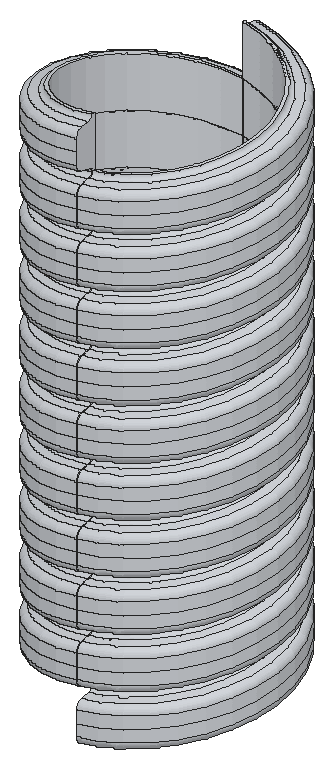
Revit family "110611-00034  Муфта соединительная резьбовая ССД-Пайп 140 мм", category Обобщенные модели, Revit 2019
Family settings
  Может служить основой для арматурных стержней = Нет
  Размер круглого соединителя = Использовать диаметр
  Тип детали = Нормальный
  На основе рабочей плоскости = Нет
  Всегда вертикально = Да
  При загрузке вырезать с полостями = Нет
  Общий = Нет
  Точка расчета площади = Нет
Parameters (values of type "Муфта соединительная резьбовая ССД-Пайп 140 мм")
  Сертификат соответствия = "https://www.ssd.ru/upload/iblock/135/dg0dveb2bt5742u03x0awkefi1rhom8y/ssoot_1302705.pdf"
  Материал = "ПНД"
  Масса бухты, кг = "0,5"
  Тип соединения = "Резьбовое"
  ADSK_Ссылка на сайт = "https://www.ssd.ru/mufta-soedinitelnaya-rezbovaya-ssd-payp-140-mm"
  ADSK_Наименование = "Муфта соединительная резьбовая ССД-Пайп 140 мм"
  ADSK_Марка = "ССД-Пайп"
  ADSK_Код изделия = "110611-00034"
  ADSK_Изготовитель = "АО \"СВЯЗЬСТРОЙДЕТАЛЬ\""
  ADSK_Диаметр наружный = 152.6 mm
  ADSK_Диаметр внутренний = 123 mm
Reference planes
  plane 1 "По центру (Вперед/Назад)": y = 0
  plane 2: z = 0
  plane 3 "По центру (Влево/Вправо)": x = 0
  plane 4: x = -76.3
  plane 5: x = 76.3
  plane 6: y = 76.3
  plane 7: y = -76.3
  plane 8: x = -61.5
  plane 9: x = 61.5
  plane 10: y = 61.5
  plane 11: y = -61.5
Forms (mm)
  SweptBlend 1, solid
    path origin (0, -4.536, -354.17) x (0, 1, 0) y (-1, 0, 0)
      loop
        arc (25.5, 0) -> (0, 25.5) -> (-25.5, 0) r 25.5
    profile origin (0, 20.964, -354.17) x (0, -1, 0) y (0, 0, 1)
      loop
        line (-40.536, 53.927) -> (-42.61, 53.927)
        arc (-42.61, 53.927) -> (-43.488, 51.806) -> (-45.61, 50.927) r 3
        line (-45.61, 50.927) -> (-51.204, 49.94)
        arc (-51.204, 49.94) -> (-54.166, 48.23) -> (-55.336, 45.016) r 5
        line (-55.336, 45.016) -> (-55.336, 36.927) -> (-55.336, 28.837)
        arc (-55.336, 28.837) -> (-54.166, 25.623) -> (-51.204, 23.913) r 5
        line (-51.204, 23.913) -> (-45.61, 22.927)
        arc (-45.61, 22.927) -> (-43.488, 22.048) -> (-42.61, 19.927) r 3
        line (-42.61, 19.927) -> (-40.536, 19.927) -> (-40.536, 53.927)
    end profile origin (0, -30.036, -354.17) x (0, 1, 0) y (0, 0, 1)
      loop
        line (-31.464, 87.927) -> (-33.537, 87.927)
        arc (-33.537, 87.927) -> (-34.416, 85.806) -> (-36.537, 84.927) r 3
        line (-36.537, 84.927) -> (-42.132, 83.94)
        arc (-42.132, 83.94) -> (-45.094, 82.23) -> (-46.264, 79.016) r 5
        line (-46.264, 79.016) -> (-46.264, 70.927) -> (-46.264, 62.837)
        arc (-46.264, 62.837) -> (-45.094, 59.623) -> (-42.132, 57.913) r 5
        line (-42.132, 57.913) -> (-36.537, 56.927)
        arc (-36.537, 56.927) -> (-34.416, 56.048) -> (-33.537, 53.927) r 3
        line (-33.537, 53.927) -> (-31.464, 53.927) -> (-31.464, 87.927)
  SweptBlend 2, solid
    path origin (0, -4.536, -354.17) x (0, -1, 0) y (1, 0, 0)
      loop
        arc (25.5, 0) -> (0, 25.5) -> (-25.5, 0) r 25.5
    profile origin (0, -30.036, -354.17) x (0, 1, 0) y (0, 0, 1)
      loop
        line (-31.464, 53.927) -> (-33.537, 53.927)
        arc (-33.537, 53.927) -> (-34.416, 51.806) -> (-36.537, 50.927) r 3
        line (-36.537, 50.927) -> (-42.132, 49.94)
        arc (-42.132, 49.94) -> (-45.094, 48.23) -> (-46.264, 45.016) r 5
        line (-46.264, 45.016) -> (-46.264, 36.927) -> (-46.264, 28.837)
        arc (-46.264, 28.837) -> (-45.094, 25.623) -> (-42.132, 23.913) r 5
        line (-42.132, 23.913) -> (-36.537, 22.927)
        arc (-36.537, 22.927) -> (-34.416, 22.048) -> (-33.537, 19.927) r 3
        line (-33.537, 19.927) -> (-31.464, 19.927) -> (-31.464, 53.927)
    end profile origin (0, 20.964, -354.17) x (0, -1, 0) y (0, 0, 1)
      loop
        line (-40.536, 87.927) -> (-42.61, 87.927)
        arc (-42.61, 87.927) -> (-43.488, 85.806) -> (-45.61, 84.927) r 3
        line (-45.61, 84.927) -> (-51.204, 83.94)
        arc (-51.204, 83.94) -> (-54.166, 82.23) -> (-55.336, 79.016) r 5
        line (-55.336, 79.016) -> (-55.336, 70.927) -> (-55.336, 62.837)
        arc (-55.336, 62.837) -> (-54.166, 59.623) -> (-51.204, 57.913) r 5
        line (-51.204, 57.913) -> (-45.61, 56.927)
        arc (-45.61, 56.927) -> (-43.488, 56.048) -> (-42.61, 53.927) r 3
        line (-42.61, 53.927) -> (-40.536, 53.927) -> (-40.536, 87.927)
  SweptBlend 3, solid, not visible
    path origin (0, 0, 63.929) x (0, 1, 0) y (-1, 0, 0)
      loop
        arc (25.5, 0) -> (0, 25.5) -> (-25.5, 0) r 25.5
    profile origin (0, 25.5, 63.929) x (0, -1, 0) y (0, 0, 1)
      loop
        line (-40.536, 53.927) -> (-42.61, 53.927)
        arc (-42.61, 53.927) -> (-43.488, 51.806) -> (-45.61, 50.927) r 3
        line (-45.61, 50.927) -> (-51.204, 49.94)
        arc (-51.204, 49.94) -> (-54.166, 48.23) -> (-55.336, 45.016) r 5
        line (-55.336, 45.016) -> (-55.336, 36.927) -> (-55.336, 28.837)
        arc (-55.336, 28.837) -> (-54.166, 25.623) -> (-51.204, 23.913) r 5
        line (-51.204, 23.913) -> (-45.61, 22.927)
        arc (-45.61, 22.927) -> (-43.488, 22.048) -> (-42.61, 19.927) r 3
        line (-42.61, 19.927) -> (-40.536, 19.927) -> (-40.536, 53.927)
    end profile origin (0, -25.5, 63.929) x (0, 1, 0) y (0, 0, 1)
      loop
        line (-31.464, 87.927) -> (-33.537, 87.927)
        arc (-33.537, 87.927) -> (-34.416, 85.806) -> (-36.537, 84.927) r 3
        line (-36.537, 84.927) -> (-42.132, 83.94)
        arc (-42.132, 83.94) -> (-45.094, 82.23) -> (-46.264, 79.016) r 5
        line (-46.264, 79.016) -> (-46.264, 70.927) -> (-46.264, 62.837)
        arc (-46.264, 62.837) -> (-45.094, 59.623) -> (-42.132, 57.913) r 5
        line (-42.132, 57.913) -> (-36.537, 56.927)
        arc (-36.537, 56.927) -> (-34.416, 56.048) -> (-33.537, 53.927) r 3
        line (-33.537, 53.927) -> (-31.464, 53.927) -> (-31.464, 87.927)
  SweptBlend 4, solid, not visible
    path origin (0, 0, 63.929) x (0, -1, 0) y (1, 0, 0)
      loop
        arc (25.5, 0) -> (0, 25.5) -> (-25.5, 0) r 25.5
    profile origin (0, -25.5, 63.929) x (0, 1, 0) y (0, 0, 1)
      loop
        line (-31.464, 53.927) -> (-33.537, 53.927)
        arc (-33.537, 53.927) -> (-34.416, 51.806) -> (-36.537, 50.927) r 3
        line (-36.537, 50.927) -> (-42.132, 49.94)
        arc (-42.132, 49.94) -> (-45.094, 48.23) -> (-46.264, 45.016) r 5
        line (-46.264, 45.016) -> (-46.264, 36.927) -> (-46.264, 28.837)
        arc (-46.264, 28.837) -> (-45.094, 25.623) -> (-42.132, 23.913) r 5
        line (-42.132, 23.913) -> (-36.537, 22.927)
        arc (-36.537, 22.927) -> (-34.416, 22.048) -> (-33.537, 19.927) r 3
        line (-33.537, 19.927) -> (-31.464, 19.927) -> (-31.464, 53.927)
    end profile origin (0, 25.5, 63.929) x (0, -1, 0) y (0, 0, 1)
      loop
        line (-40.536, 87.927) -> (-42.61, 87.927)
        arc (-42.61, 87.927) -> (-43.488, 85.806) -> (-45.61, 84.927) r 3
        line (-45.61, 84.927) -> (-51.204, 83.94)
        arc (-51.204, 83.94) -> (-54.166, 82.23) -> (-55.336, 79.016) r 5
        line (-55.336, 79.016) -> (-55.336, 70.927) -> (-55.336, 62.837)
        arc (-55.336, 62.837) -> (-54.166, 59.623) -> (-51.204, 57.913) r 5
        line (-51.204, 57.913) -> (-45.61, 56.927)
        arc (-45.61, 56.927) -> (-43.488, 56.048) -> (-42.61, 53.927) r 3
        line (-42.61, 53.927) -> (-40.536, 53.927) -> (-40.536, 87.927)
  SweptBlend 5, solid
    path origin (0, -4.536, -320.17) x (0, 1, 0) y (-1, 0, 0)
      loop
        arc (25.5, 0) -> (0, 25.5) -> (-25.5, 0) r 25.5
    profile origin (0, 20.964, -320.17) x (0, -1, 0) y (0, 0, 1)
      loop
        line (-40.536, 53.927) -> (-42.61, 53.927)
        arc (-42.61, 53.927) -> (-43.488, 51.806) -> (-45.61, 50.927) r 3
        line (-45.61, 50.927) -> (-51.204, 49.94)
        arc (-51.204, 49.94) -> (-54.166, 48.23) -> (-55.336, 45.016) r 5
        line (-55.336, 45.016) -> (-55.336, 36.927) -> (-55.336, 28.837)
        arc (-55.336, 28.837) -> (-54.166, 25.623) -> (-51.204, 23.913) r 5
        line (-51.204, 23.913) -> (-45.61, 22.927)
        arc (-45.61, 22.927) -> (-43.488, 22.048) -> (-42.61, 19.927) r 3
        line (-42.61, 19.927) -> (-40.536, 19.927) -> (-40.536, 53.927)
    end profile origin (0, -30.036, -320.17) x (0, 1, 0) y (0, 0, 1)
      loop
        line (-31.464, 87.927) -> (-33.537, 87.927)
        arc (-33.537, 87.927) -> (-34.416, 85.806) -> (-36.537, 84.927) r 3
        line (-36.537, 84.927) -> (-42.132, 83.94)
        arc (-42.132, 83.94) -> (-45.094, 82.23) -> (-46.264, 79.016) r 5
        line (-46.264, 79.016) -> (-46.264, 70.927) -> (-46.264, 62.837)
        arc (-46.264, 62.837) -> (-45.094, 59.623) -> (-42.132, 57.913) r 5
        line (-42.132, 57.913) -> (-36.537, 56.927)
        arc (-36.537, 56.927) -> (-34.416, 56.048) -> (-33.537, 53.927) r 3
        line (-33.537, 53.927) -> (-31.464, 53.927) -> (-31.464, 87.927)
  SweptBlend 6, solid
    path origin (0, -4.536, -320.17) x (0, -1, 0) y (1, 0, 0)
      loop
        arc (25.5, 0) -> (0, 25.5) -> (-25.5, 0) r 25.5
    profile origin (0, -30.036, -320.17) x (0, 1, 0) y (0, 0, 1)
      loop
        line (-31.464, 53.927) -> (-33.537, 53.927)
        arc (-33.537, 53.927) -> (-34.416, 51.806) -> (-36.537, 50.927) r 3
        line (-36.537, 50.927) -> (-42.132, 49.94)
        arc (-42.132, 49.94) -> (-45.094, 48.23) -> (-46.264, 45.016) r 5
        line (-46.264, 45.016) -> (-46.264, 36.927) -> (-46.264, 28.837)
        arc (-46.264, 28.837) -> (-45.094, 25.623) -> (-42.132, 23.913) r 5
        line (-42.132, 23.913) -> (-36.537, 22.927)
        arc (-36.537, 22.927) -> (-34.416, 22.048) -> (-33.537, 19.927) r 3
        line (-33.537, 19.927) -> (-31.464, 19.927) -> (-31.464, 53.927)
    end profile origin (0, 20.964, -320.17) x (0, -1, 0) y (0, 0, 1)
      loop
        line (-40.536, 87.927) -> (-42.61, 87.927)
        arc (-42.61, 87.927) -> (-43.488, 85.806) -> (-45.61, 84.927) r 3
        line (-45.61, 84.927) -> (-51.204, 83.94)
        arc (-51.204, 83.94) -> (-54.166, 82.23) -> (-55.336, 79.016) r 5
        line (-55.336, 79.016) -> (-55.336, 70.927) -> (-55.336, 62.837)
        arc (-55.336, 62.837) -> (-54.166, 59.623) -> (-51.204, 57.913) r 5
        line (-51.204, 57.913) -> (-45.61, 56.927)
        arc (-45.61, 56.927) -> (-43.488, 56.048) -> (-42.61, 53.927) r 3
        line (-42.61, 53.927) -> (-40.536, 53.927) -> (-40.536, 87.927)
  SweptBlend 7, solid
    path origin (0, -4.536, -286.17) x (0, 1, 0) y (-1, 0, 0)
      loop
        arc (25.5, 0) -> (0, 25.5) -> (-25.5, 0) r 25.5
    profile origin (0, 20.964, -286.17) x (0, -1, 0) y (0, 0, 1)
      loop
        line (-40.536, 53.927) -> (-42.61, 53.927)
        arc (-42.61, 53.927) -> (-43.488, 51.806) -> (-45.61, 50.927) r 3
        line (-45.61, 50.927) -> (-51.204, 49.94)
        arc (-51.204, 49.94) -> (-54.166, 48.23) -> (-55.336, 45.016) r 5
        line (-55.336, 45.016) -> (-55.336, 36.927) -> (-55.336, 28.837)
        arc (-55.336, 28.837) -> (-54.166, 25.623) -> (-51.204, 23.913) r 5
        line (-51.204, 23.913) -> (-45.61, 22.927)
        arc (-45.61, 22.927) -> (-43.488, 22.048) -> (-42.61, 19.927) r 3
        line (-42.61, 19.927) -> (-40.536, 19.927) -> (-40.536, 53.927)
    end profile origin (0, -30.036, -286.17) x (0, 1, 0) y (0, 0, 1)
      loop
        line (-31.464, 87.927) -> (-33.537, 87.927)
        arc (-33.537, 87.927) -> (-34.416, 85.806) -> (-36.537, 84.927) r 3
        line (-36.537, 84.927) -> (-42.132, 83.94)
        arc (-42.132, 83.94) -> (-45.094, 82.23) -> (-46.264, 79.016) r 5
        line (-46.264, 79.016) -> (-46.264, 70.927) -> (-46.264, 62.837)
        arc (-46.264, 62.837) -> (-45.094, 59.623) -> (-42.132, 57.913) r 5
        line (-42.132, 57.913) -> (-36.537, 56.927)
        arc (-36.537, 56.927) -> (-34.416, 56.048) -> (-33.537, 53.927) r 3
        line (-33.537, 53.927) -> (-31.464, 53.927) -> (-31.464, 87.927)
  SweptBlend 8, solid
    path origin (0, -4.536, -286.17) x (0, -1, 0) y (1, 0, 0)
      loop
        arc (25.5, 0) -> (0, 25.5) -> (-25.5, 0) r 25.5
    profile origin (0, -30.036, -286.17) x (0, 1, 0) y (0, 0, 1)
      loop
        line (-31.464, 53.927) -> (-33.537, 53.927)
        arc (-33.537, 53.927) -> (-34.416, 51.806) -> (-36.537, 50.927) r 3
        line (-36.537, 50.927) -> (-42.132, 49.94)
        arc (-42.132, 49.94) -> (-45.094, 48.23) -> (-46.264, 45.016) r 5
        line (-46.264, 45.016) -> (-46.264, 36.927) -> (-46.264, 28.837)
        arc (-46.264, 28.837) -> (-45.094, 25.623) -> (-42.132, 23.913) r 5
        line (-42.132, 23.913) -> (-36.537, 22.927)
        arc (-36.537, 22.927) -> (-34.416, 22.048) -> (-33.537, 19.927) r 3
        line (-33.537, 19.927) -> (-31.464, 19.927) -> (-31.464, 53.927)
    end profile origin (0, 20.964, -286.17) x (0, -1, 0) y (0, 0, 1)
      loop
        line (-40.536, 87.927) -> (-42.61, 87.927)
        arc (-42.61, 87.927) -> (-43.488, 85.806) -> (-45.61, 84.927) r 3
        line (-45.61, 84.927) -> (-51.204, 83.94)
        arc (-51.204, 83.94) -> (-54.166, 82.23) -> (-55.336, 79.016) r 5
        line (-55.336, 79.016) -> (-55.336, 70.927) -> (-55.336, 62.837)
        arc (-55.336, 62.837) -> (-54.166, 59.623) -> (-51.204, 57.913) r 5
        line (-51.204, 57.913) -> (-45.61, 56.927)
        arc (-45.61, 56.927) -> (-43.488, 56.048) -> (-42.61, 53.927) r 3
        line (-42.61, 53.927) -> (-40.536, 53.927) -> (-40.536, 87.927)
  SweptBlend 9, solid
    path origin (0, -4.536, -252.17) x (0, 1, 0) y (-1, 0, 0)
      loop
        arc (25.5, 0) -> (0, 25.5) -> (-25.5, 0) r 25.5
    profile origin (0, 20.964, -252.17) x (0, -1, 0) y (0, 0, 1)
      loop
        line (-40.536, 53.927) -> (-42.61, 53.927)
        arc (-42.61, 53.927) -> (-43.488, 51.806) -> (-45.61, 50.927) r 3
        line (-45.61, 50.927) -> (-51.204, 49.94)
        arc (-51.204, 49.94) -> (-54.166, 48.23) -> (-55.336, 45.016) r 5
        line (-55.336, 45.016) -> (-55.336, 36.927) -> (-55.336, 28.837)
        arc (-55.336, 28.837) -> (-54.166, 25.623) -> (-51.204, 23.913) r 5
        line (-51.204, 23.913) -> (-45.61, 22.927)
        arc (-45.61, 22.927) -> (-43.488, 22.048) -> (-42.61, 19.927) r 3
        line (-42.61, 19.927) -> (-40.536, 19.927) -> (-40.536, 53.927)
    end profile origin (0, -30.036, -252.17) x (0, 1, 0) y (0, 0, 1)
      loop
        line (-31.464, 87.927) -> (-33.537, 87.927)
        arc (-33.537, 87.927) -> (-34.416, 85.806) -> (-36.537, 84.927) r 3
        line (-36.537, 84.927) -> (-42.132, 83.94)
        arc (-42.132, 83.94) -> (-45.094, 82.23) -> (-46.264, 79.016) r 5
        line (-46.264, 79.016) -> (-46.264, 70.927) -> (-46.264, 62.837)
        arc (-46.264, 62.837) -> (-45.094, 59.623) -> (-42.132, 57.913) r 5
        line (-42.132, 57.913) -> (-36.537, 56.927)
        arc (-36.537, 56.927) -> (-34.416, 56.048) -> (-33.537, 53.927) r 3
        line (-33.537, 53.927) -> (-31.464, 53.927) -> (-31.464, 87.927)
  SweptBlend 10, solid
    path origin (0, -4.536, -252.17) x (0, -1, 0) y (1, 0, 0)
      loop
        arc (25.5, 0) -> (0, 25.5) -> (-25.5, 0) r 25.5
    profile origin (0, -30.036, -252.17) x (0, 1, 0) y (0, 0, 1)
      loop
        line (-31.464, 53.927) -> (-33.537, 53.927)
        arc (-33.537, 53.927) -> (-34.416, 51.806) -> (-36.537, 50.927) r 3
        line (-36.537, 50.927) -> (-42.132, 49.94)
        arc (-42.132, 49.94) -> (-45.094, 48.23) -> (-46.264, 45.016) r 5
        line (-46.264, 45.016) -> (-46.264, 36.927) -> (-46.264, 28.837)
        arc (-46.264, 28.837) -> (-45.094, 25.623) -> (-42.132, 23.913) r 5
        line (-42.132, 23.913) -> (-36.537, 22.927)
        arc (-36.537, 22.927) -> (-34.416, 22.048) -> (-33.537, 19.927) r 3
        line (-33.537, 19.927) -> (-31.464, 19.927) -> (-31.464, 53.927)
    end profile origin (0, 20.964, -252.17) x (0, -1, 0) y (0, 0, 1)
      loop
        line (-40.536, 87.927) -> (-42.61, 87.927)
        arc (-42.61, 87.927) -> (-43.488, 85.806) -> (-45.61, 84.927) r 3
        line (-45.61, 84.927) -> (-51.204, 83.94)
        arc (-51.204, 83.94) -> (-54.166, 82.23) -> (-55.336, 79.016) r 5
        line (-55.336, 79.016) -> (-55.336, 70.927) -> (-55.336, 62.837)
        arc (-55.336, 62.837) -> (-54.166, 59.623) -> (-51.204, 57.913) r 5
        line (-51.204, 57.913) -> (-45.61, 56.927)
        arc (-45.61, 56.927) -> (-43.488, 56.048) -> (-42.61, 53.927) r 3
        line (-42.61, 53.927) -> (-40.536, 53.927) -> (-40.536, 87.927)
  SweptBlend 11, solid
    path origin (0, -4.536, -218.17) x (0, 1, 0) y (-1, 0, 0)
      loop
        arc (25.5, 0) -> (0, 25.5) -> (-25.5, 0) r 25.5
    profile origin (0, 20.964, -218.17) x (0, -1, 0) y (0, 0, 1)
      loop
        line (-40.536, 53.927) -> (-42.61, 53.927)
        arc (-42.61, 53.927) -> (-43.488, 51.806) -> (-45.61, 50.927) r 3
        line (-45.61, 50.927) -> (-51.204, 49.94)
        arc (-51.204, 49.94) -> (-54.166, 48.23) -> (-55.336, 45.016) r 5
        line (-55.336, 45.016) -> (-55.336, 36.927) -> (-55.336, 28.837)
        arc (-55.336, 28.837) -> (-54.166, 25.623) -> (-51.204, 23.913) r 5
        line (-51.204, 23.913) -> (-45.61, 22.927)
        arc (-45.61, 22.927) -> (-43.488, 22.048) -> (-42.61, 19.927) r 3
        line (-42.61, 19.927) -> (-40.536, 19.927) -> (-40.536, 53.927)
    end profile origin (0, -30.036, -218.17) x (0, 1, 0) y (0, 0, 1)
      loop
        line (-31.464, 87.927) -> (-33.537, 87.927)
        arc (-33.537, 87.927) -> (-34.416, 85.806) -> (-36.537, 84.927) r 3
        line (-36.537, 84.927) -> (-42.132, 83.94)
        arc (-42.132, 83.94) -> (-45.094, 82.23) -> (-46.264, 79.016) r 5
        line (-46.264, 79.016) -> (-46.264, 70.927) -> (-46.264, 62.837)
        arc (-46.264, 62.837) -> (-45.094, 59.623) -> (-42.132, 57.913) r 5
        line (-42.132, 57.913) -> (-36.537, 56.927)
        arc (-36.537, 56.927) -> (-34.416, 56.048) -> (-33.537, 53.927) r 3
        line (-33.537, 53.927) -> (-31.464, 53.927) -> (-31.464, 87.927)
  SweptBlend 12, solid
    path origin (0, -4.536, -218.17) x (0, -1, 0) y (1, 0, 0)
      loop
        arc (25.5, 0) -> (0, 25.5) -> (-25.5, 0) r 25.5
    profile origin (0, -30.036, -218.17) x (0, 1, 0) y (0, 0, 1)
      loop
        line (-31.464, 53.927) -> (-33.537, 53.927)
        arc (-33.537, 53.927) -> (-34.416, 51.806) -> (-36.537, 50.927) r 3
        line (-36.537, 50.927) -> (-42.132, 49.94)
        arc (-42.132, 49.94) -> (-45.094, 48.23) -> (-46.264, 45.016) r 5
        line (-46.264, 45.016) -> (-46.264, 36.927) -> (-46.264, 28.837)
        arc (-46.264, 28.837) -> (-45.094, 25.623) -> (-42.132, 23.913) r 5
        line (-42.132, 23.913) -> (-36.537, 22.927)
        arc (-36.537, 22.927) -> (-34.416, 22.048) -> (-33.537, 19.927) r 3
        line (-33.537, 19.927) -> (-31.464, 19.927) -> (-31.464, 53.927)
    end profile origin (0, 20.964, -218.17) x (0, -1, 0) y (0, 0, 1)
      loop
        line (-40.536, 87.927) -> (-42.61, 87.927)
        arc (-42.61, 87.927) -> (-43.488, 85.806) -> (-45.61, 84.927) r 3
        line (-45.61, 84.927) -> (-51.204, 83.94)
        arc (-51.204, 83.94) -> (-54.166, 82.23) -> (-55.336, 79.016) r 5
        line (-55.336, 79.016) -> (-55.336, 70.927) -> (-55.336, 62.837)
        arc (-55.336, 62.837) -> (-54.166, 59.623) -> (-51.204, 57.913) r 5
        line (-51.204, 57.913) -> (-45.61, 56.927)
        arc (-45.61, 56.927) -> (-43.488, 56.048) -> (-42.61, 53.927) r 3
        line (-42.61, 53.927) -> (-40.536, 53.927) -> (-40.536, 87.927)
  SweptBlend 13, solid
    path origin (0, -4.536, -184.17) x (0, 1, 0) y (-1, 0, 0)
      loop
        arc (25.5, 0) -> (0, 25.5) -> (-25.5, 0) r 25.5
    profile origin (0, 20.964, -184.17) x (0, -1, 0) y (0, 0, 1)
      loop
        line (-40.536, 53.927) -> (-42.61, 53.927)
        arc (-42.61, 53.927) -> (-43.488, 51.806) -> (-45.61, 50.927) r 3
        line (-45.61, 50.927) -> (-51.204, 49.94)
        arc (-51.204, 49.94) -> (-54.166, 48.23) -> (-55.336, 45.016) r 5
        line (-55.336, 45.016) -> (-55.336, 36.927) -> (-55.336, 28.837)
        arc (-55.336, 28.837) -> (-54.166, 25.623) -> (-51.204, 23.913) r 5
        line (-51.204, 23.913) -> (-45.61, 22.927)
        arc (-45.61, 22.927) -> (-43.488, 22.048) -> (-42.61, 19.927) r 3
        line (-42.61, 19.927) -> (-40.536, 19.927) -> (-40.536, 53.927)
    end profile origin (0, -30.036, -184.17) x (0, 1, 0) y (0, 0, 1)
      loop
        line (-31.464, 87.927) -> (-33.537, 87.927)
        arc (-33.537, 87.927) -> (-34.416, 85.806) -> (-36.537, 84.927) r 3
        line (-36.537, 84.927) -> (-42.132, 83.94)
        arc (-42.132, 83.94) -> (-45.094, 82.23) -> (-46.264, 79.016) r 5
        line (-46.264, 79.016) -> (-46.264, 70.927) -> (-46.264, 62.837)
        arc (-46.264, 62.837) -> (-45.094, 59.623) -> (-42.132, 57.913) r 5
        line (-42.132, 57.913) -> (-36.537, 56.927)
        arc (-36.537, 56.927) -> (-34.416, 56.048) -> (-33.537, 53.927) r 3
        line (-33.537, 53.927) -> (-31.464, 53.927) -> (-31.464, 87.927)
  SweptBlend 14, solid
    path origin (0, -4.536, -184.17) x (0, -1, 0) y (1, 0, 0)
      loop
        arc (25.5, 0) -> (0, 25.5) -> (-25.5, 0) r 25.5
    profile origin (0, -30.036, -184.17) x (0, 1, 0) y (0, 0, 1)
      loop
        line (-31.464, 53.927) -> (-33.537, 53.927)
        arc (-33.537, 53.927) -> (-34.416, 51.806) -> (-36.537, 50.927) r 3
        line (-36.537, 50.927) -> (-42.132, 49.94)
        arc (-42.132, 49.94) -> (-45.094, 48.23) -> (-46.264, 45.016) r 5
        line (-46.264, 45.016) -> (-46.264, 36.927) -> (-46.264, 28.837)
        arc (-46.264, 28.837) -> (-45.094, 25.623) -> (-42.132, 23.913) r 5
        line (-42.132, 23.913) -> (-36.537, 22.927)
        arc (-36.537, 22.927) -> (-34.416, 22.048) -> (-33.537, 19.927) r 3
        line (-33.537, 19.927) -> (-31.464, 19.927) -> (-31.464, 53.927)
    end profile origin (0, 20.964, -184.17) x (0, -1, 0) y (0, 0, 1)
      loop
        line (-40.536, 87.927) -> (-42.61, 87.927)
        arc (-42.61, 87.927) -> (-43.488, 85.806) -> (-45.61, 84.927) r 3
        line (-45.61, 84.927) -> (-51.204, 83.94)
        arc (-51.204, 83.94) -> (-54.166, 82.23) -> (-55.336, 79.016) r 5
        line (-55.336, 79.016) -> (-55.336, 70.927) -> (-55.336, 62.837)
        arc (-55.336, 62.837) -> (-54.166, 59.623) -> (-51.204, 57.913) r 5
        line (-51.204, 57.913) -> (-45.61, 56.927)
        arc (-45.61, 56.927) -> (-43.488, 56.048) -> (-42.61, 53.927) r 3
        line (-42.61, 53.927) -> (-40.536, 53.927) -> (-40.536, 87.927)
  SweptBlend 15, solid
    path origin (0, -4.536, -150.17) x (0, 1, 0) y (-1, 0, 0)
      loop
        arc (25.5, 0) -> (0, 25.5) -> (-25.5, 0) r 25.5
    profile origin (0, 20.964, -150.17) x (0, -1, 0) y (0, 0, 1)
      loop
        line (-40.536, 53.927) -> (-42.61, 53.927)
        arc (-42.61, 53.927) -> (-43.488, 51.806) -> (-45.61, 50.927) r 3
        line (-45.61, 50.927) -> (-51.204, 49.94)
        arc (-51.204, 49.94) -> (-54.166, 48.23) -> (-55.336, 45.016) r 5
        line (-55.336, 45.016) -> (-55.336, 36.927) -> (-55.336, 28.837)
        arc (-55.336, 28.837) -> (-54.166, 25.623) -> (-51.204, 23.913) r 5
        line (-51.204, 23.913) -> (-45.61, 22.927)
        arc (-45.61, 22.927) -> (-43.488, 22.048) -> (-42.61, 19.927) r 3
        line (-42.61, 19.927) -> (-40.536, 19.927) -> (-40.536, 53.927)
    end profile origin (0, -30.036, -150.17) x (0, 1, 0) y (0, 0, 1)
      loop
        line (-31.464, 87.927) -> (-33.537, 87.927)
        arc (-33.537, 87.927) -> (-34.416, 85.806) -> (-36.537, 84.927) r 3
        line (-36.537, 84.927) -> (-42.132, 83.94)
        arc (-42.132, 83.94) -> (-45.094, 82.23) -> (-46.264, 79.016) r 5
        line (-46.264, 79.016) -> (-46.264, 70.927) -> (-46.264, 62.837)
        arc (-46.264, 62.837) -> (-45.094, 59.623) -> (-42.132, 57.913) r 5
        line (-42.132, 57.913) -> (-36.537, 56.927)
        arc (-36.537, 56.927) -> (-34.416, 56.048) -> (-33.537, 53.927) r 3
        line (-33.537, 53.927) -> (-31.464, 53.927) -> (-31.464, 87.927)
  SweptBlend 16, solid
    path origin (0, -4.536, -150.17) x (0, -1, 0) y (1, 0, 0)
      loop
        arc (25.5, 0) -> (0, 25.5) -> (-25.5, 0) r 25.5
    profile origin (0, -30.036, -150.17) x (0, 1, 0) y (0, 0, 1)
      loop
        line (-31.464, 53.927) -> (-33.537, 53.927)
        arc (-33.537, 53.927) -> (-34.416, 51.806) -> (-36.537, 50.927) r 3
        line (-36.537, 50.927) -> (-42.132, 49.94)
        arc (-42.132, 49.94) -> (-45.094, 48.23) -> (-46.264, 45.016) r 5
        line (-46.264, 45.016) -> (-46.264, 36.927) -> (-46.264, 28.837)
        arc (-46.264, 28.837) -> (-45.094, 25.623) -> (-42.132, 23.913) r 5
        line (-42.132, 23.913) -> (-36.537, 22.927)
        arc (-36.537, 22.927) -> (-34.416, 22.048) -> (-33.537, 19.927) r 3
        line (-33.537, 19.927) -> (-31.464, 19.927) -> (-31.464, 53.927)
    end profile origin (0, 20.964, -150.17) x (0, -1, 0) y (0, 0, 1)
      loop
        line (-40.536, 87.927) -> (-42.61, 87.927)
        arc (-42.61, 87.927) -> (-43.488, 85.806) -> (-45.61, 84.927) r 3
        line (-45.61, 84.927) -> (-51.204, 83.94)
        arc (-51.204, 83.94) -> (-54.166, 82.23) -> (-55.336, 79.016) r 5
        line (-55.336, 79.016) -> (-55.336, 70.927) -> (-55.336, 62.837)
        arc (-55.336, 62.837) -> (-54.166, 59.623) -> (-51.204, 57.913) r 5
        line (-51.204, 57.913) -> (-45.61, 56.927)
        arc (-45.61, 56.927) -> (-43.488, 56.048) -> (-42.61, 53.927) r 3
        line (-42.61, 53.927) -> (-40.536, 53.927) -> (-40.536, 87.927)
  SweptBlend 17, solid
    path origin (0, -4.536, -116.17) x (0, 1, 0) y (-1, 0, 0)
      loop
        arc (25.5, 0) -> (0, 25.5) -> (-25.5, 0) r 25.5
    profile origin (0, 20.964, -116.17) x (0, -1, 0) y (0, 0, 1)
      loop
        line (-40.536, 53.927) -> (-42.61, 53.927)
        arc (-42.61, 53.927) -> (-43.488, 51.806) -> (-45.61, 50.927) r 3
        line (-45.61, 50.927) -> (-51.204, 49.94)
        arc (-51.204, 49.94) -> (-54.166, 48.23) -> (-55.336, 45.016) r 5
        line (-55.336, 45.016) -> (-55.336, 36.927) -> (-55.336, 28.837)
        arc (-55.336, 28.837) -> (-54.166, 25.623) -> (-51.204, 23.913) r 5
        line (-51.204, 23.913) -> (-45.61, 22.927)
        arc (-45.61, 22.927) -> (-43.488, 22.048) -> (-42.61, 19.927) r 3
        line (-42.61, 19.927) -> (-40.536, 19.927) -> (-40.536, 53.927)
    end profile origin (0, -30.036, -116.17) x (0, 1, 0) y (0, 0, 1)
      loop
        line (-31.464, 87.927) -> (-33.537, 87.927)
        arc (-33.537, 87.927) -> (-34.416, 85.806) -> (-36.537, 84.927) r 3
        line (-36.537, 84.927) -> (-42.132, 83.94)
        arc (-42.132, 83.94) -> (-45.094, 82.23) -> (-46.264, 79.016) r 5
        line (-46.264, 79.016) -> (-46.264, 70.927) -> (-46.264, 62.837)
        arc (-46.264, 62.837) -> (-45.094, 59.623) -> (-42.132, 57.913) r 5
        line (-42.132, 57.913) -> (-36.537, 56.927)
        arc (-36.537, 56.927) -> (-34.416, 56.048) -> (-33.537, 53.927) r 3
        line (-33.537, 53.927) -> (-31.464, 53.927) -> (-31.464, 87.927)
  SweptBlend 18, solid
    path origin (0, -4.536, -116.17) x (0, -1, 0) y (1, 0, 0)
      loop
        arc (25.5, 0) -> (0, 25.5) -> (-25.5, 0) r 25.5
    profile origin (0, -30.036, -116.17) x (0, 1, 0) y (0, 0, 1)
      loop
        line (-31.464, 53.927) -> (-33.537, 53.927)
        arc (-33.537, 53.927) -> (-34.416, 51.806) -> (-36.537, 50.927) r 3
        line (-36.537, 50.927) -> (-42.132, 49.94)
        arc (-42.132, 49.94) -> (-45.094, 48.23) -> (-46.264, 45.016) r 5
        line (-46.264, 45.016) -> (-46.264, 36.927) -> (-46.264, 28.837)
        arc (-46.264, 28.837) -> (-45.094, 25.623) -> (-42.132, 23.913) r 5
        line (-42.132, 23.913) -> (-36.537, 22.927)
        arc (-36.537, 22.927) -> (-34.416, 22.048) -> (-33.537, 19.927) r 3
        line (-33.537, 19.927) -> (-31.464, 19.927) -> (-31.464, 53.927)
    end profile origin (0, 20.964, -116.17) x (0, -1, 0) y (0, 0, 1)
      loop
        line (-40.536, 87.927) -> (-42.61, 87.927)
        arc (-42.61, 87.927) -> (-43.488, 85.806) -> (-45.61, 84.927) r 3
        line (-45.61, 84.927) -> (-51.204, 83.94)
        arc (-51.204, 83.94) -> (-54.166, 82.23) -> (-55.336, 79.016) r 5
        line (-55.336, 79.016) -> (-55.336, 70.927) -> (-55.336, 62.837)
        arc (-55.336, 62.837) -> (-54.166, 59.623) -> (-51.204, 57.913) r 5
        line (-51.204, 57.913) -> (-45.61, 56.927)
        arc (-45.61, 56.927) -> (-43.488, 56.048) -> (-42.61, 53.927) r 3
        line (-42.61, 53.927) -> (-40.536, 53.927) -> (-40.536, 87.927)
  SweptBlend 19, solid
    path origin (0, -4.536, -82.17) x (0, 1, 0) y (-1, 0, 0)
      loop
        arc (25.5, 0) -> (0, 25.5) -> (-25.5, 0) r 25.5
    profile origin (0, 20.964, -82.17) x (0, -1, 0) y (0, 0, 1)
      loop
        line (-40.536, 53.927) -> (-42.61, 53.927)
        arc (-42.61, 53.927) -> (-43.488, 51.806) -> (-45.61, 50.927) r 3
        line (-45.61, 50.927) -> (-51.204, 49.94)
        arc (-51.204, 49.94) -> (-54.166, 48.23) -> (-55.336, 45.016) r 5
        line (-55.336, 45.016) -> (-55.336, 36.927) -> (-55.336, 28.837)
        arc (-55.336, 28.837) -> (-54.166, 25.623) -> (-51.204, 23.913) r 5
        line (-51.204, 23.913) -> (-45.61, 22.927)
        arc (-45.61, 22.927) -> (-43.488, 22.048) -> (-42.61, 19.927) r 3
        line (-42.61, 19.927) -> (-40.536, 19.927) -> (-40.536, 53.927)
    end profile origin (0, -30.036, -82.17) x (0, 1, 0) y (0, 0, 1)
      loop
        line (-31.464, 87.927) -> (-33.537, 87.927)
        arc (-33.537, 87.927) -> (-34.416, 85.806) -> (-36.537, 84.927) r 3
        line (-36.537, 84.927) -> (-42.132, 83.94)
        arc (-42.132, 83.94) -> (-45.094, 82.23) -> (-46.264, 79.016) r 5
        line (-46.264, 79.016) -> (-46.264, 70.927) -> (-46.264, 62.837)
        arc (-46.264, 62.837) -> (-45.094, 59.623) -> (-42.132, 57.913) r 5
        line (-42.132, 57.913) -> (-36.537, 56.927)
        arc (-36.537, 56.927) -> (-34.416, 56.048) -> (-33.537, 53.927) r 3
        line (-33.537, 53.927) -> (-31.464, 53.927) -> (-31.464, 87.927)
  SweptBlend 20, solid
    path origin (0, -4.536, -82.17) x (0, -1, 0) y (1, 0, 0)
      loop
        arc (25.5, 0) -> (0, 25.5) -> (-25.5, 0) r 25.5
    profile origin (0, -30.036, -82.17) x (0, 1, 0) y (0, 0, 1)
      loop
        line (-31.464, 53.927) -> (-33.537, 53.927)
        arc (-33.537, 53.927) -> (-34.416, 51.806) -> (-36.537, 50.927) r 3
        line (-36.537, 50.927) -> (-42.132, 49.94)
        arc (-42.132, 49.94) -> (-45.094, 48.23) -> (-46.264, 45.016) r 5
        line (-46.264, 45.016) -> (-46.264, 36.927) -> (-46.264, 28.837)
        arc (-46.264, 28.837) -> (-45.094, 25.623) -> (-42.132, 23.913) r 5
        line (-42.132, 23.913) -> (-36.537, 22.927)
        arc (-36.537, 22.927) -> (-34.416, 22.048) -> (-33.537, 19.927) r 3
        line (-33.537, 19.927) -> (-31.464, 19.927) -> (-31.464, 53.927)
    end profile origin (0, 20.964, -82.17) x (0, -1, 0) y (0, 0, 1)
      loop
        line (-40.536, 87.927) -> (-42.61, 87.927)
        arc (-42.61, 87.927) -> (-43.488, 85.806) -> (-45.61, 84.927) r 3
        line (-45.61, 84.927) -> (-51.204, 83.94)
        arc (-51.204, 83.94) -> (-54.166, 82.23) -> (-55.336, 79.016) r 5
        line (-55.336, 79.016) -> (-55.336, 70.927) -> (-55.336, 62.837)
        arc (-55.336, 62.837) -> (-54.166, 59.623) -> (-51.204, 57.913) r 5
        line (-51.204, 57.913) -> (-45.61, 56.927)
        arc (-45.61, 56.927) -> (-43.488, 56.048) -> (-42.61, 53.927) r 3
        line (-42.61, 53.927) -> (-40.536, 53.927) -> (-40.536, 87.927)
  SweptBlend 21, solid
    path origin (0, -4.536, -48.17) x (0, 1, 0) y (-1, 0, 0)
      loop
        arc (25.5, 0) -> (0, 25.5) -> (-25.5, 0) r 25.5
    profile origin (0, 20.964, -48.17) x (0, -1, 0) y (0, 0, 1)
      loop
        line (-40.536, 53.927) -> (-42.61, 53.927)
        arc (-42.61, 53.927) -> (-43.488, 51.806) -> (-45.61, 50.927) r 3
        line (-45.61, 50.927) -> (-51.204, 49.94)
        arc (-51.204, 49.94) -> (-54.166, 48.23) -> (-55.336, 45.016) r 5
        line (-55.336, 45.016) -> (-55.336, 36.927) -> (-55.336, 28.837)
        arc (-55.336, 28.837) -> (-54.166, 25.623) -> (-51.204, 23.913) r 5
        line (-51.204, 23.913) -> (-45.61, 22.927)
        arc (-45.61, 22.927) -> (-43.488, 22.048) -> (-42.61, 19.927) r 3
        line (-42.61, 19.927) -> (-40.536, 19.927) -> (-40.536, 53.927)
    end profile origin (0, -30.036, -48.17) x (0, 1, 0) y (0, 0, 1)
      loop
        line (-31.464, 87.927) -> (-33.537, 87.927)
        arc (-33.537, 87.927) -> (-34.416, 85.806) -> (-36.537, 84.927) r 3
        line (-36.537, 84.927) -> (-42.132, 83.94)
        arc (-42.132, 83.94) -> (-45.094, 82.23) -> (-46.264, 79.016) r 5
        line (-46.264, 79.016) -> (-46.264, 70.927) -> (-46.264, 62.837)
        arc (-46.264, 62.837) -> (-45.094, 59.623) -> (-42.132, 57.913) r 5
        line (-42.132, 57.913) -> (-36.537, 56.927)
        arc (-36.537, 56.927) -> (-34.416, 56.048) -> (-33.537, 53.927) r 3
        line (-33.537, 53.927) -> (-31.464, 53.927) -> (-31.464, 87.927)
  SweptBlend 22, solid
    path origin (0, -4.536, -48.17) x (0, -1, 0) y (1, 0, 0)
      loop
        arc (25.5, 0) -> (0, 25.5) -> (-25.5, 0) r 25.5
    profile origin (0, -30.036, -48.17) x (0, 1, 0) y (0, 0, 1)
      loop
        line (-31.464, 53.927) -> (-33.537, 53.927)
        arc (-33.537, 53.927) -> (-34.416, 51.806) -> (-36.537, 50.927) r 3
        line (-36.537, 50.927) -> (-42.132, 49.94)
        arc (-42.132, 49.94) -> (-45.094, 48.23) -> (-46.264, 45.016) r 5
        line (-46.264, 45.016) -> (-46.264, 36.927) -> (-46.264, 28.837)
        arc (-46.264, 28.837) -> (-45.094, 25.623) -> (-42.132, 23.913) r 5
        line (-42.132, 23.913) -> (-36.537, 22.927)
        arc (-36.537, 22.927) -> (-34.416, 22.048) -> (-33.537, 19.927) r 3
        line (-33.537, 19.927) -> (-31.464, 19.927) -> (-31.464, 53.927)
    end profile origin (0, 20.964, -48.17) x (0, -1, 0) y (0, 0, 1)
      loop
        line (-40.536, 87.927) -> (-42.61, 87.927)
        arc (-42.61, 87.927) -> (-43.488, 85.806) -> (-45.61, 84.927) r 3
        line (-45.61, 84.927) -> (-51.204, 83.94)
        arc (-51.204, 83.94) -> (-54.166, 82.23) -> (-55.336, 79.016) r 5
        line (-55.336, 79.016) -> (-55.336, 70.927) -> (-55.336, 62.837)
        arc (-55.336, 62.837) -> (-54.166, 59.623) -> (-51.204, 57.913) r 5
        line (-51.204, 57.913) -> (-45.61, 56.927)
        arc (-45.61, 56.927) -> (-43.488, 56.048) -> (-42.61, 53.927) r 3
        line (-42.61, 53.927) -> (-40.536, 53.927) -> (-40.536, 87.927)
Dimensions and locks
  "ADSK_Диаметр наружный": plane 4 to plane 5
  equal spacing: plane 4, plane 3 "По центру (Влево/Вправо)", plane 5
  "ADSK_Диаметр наружный": plane 6 to plane 7
  "ADSK_Диаметр внутренний": plane 8 to plane 9
  equal spacing: plane 8, plane 3 "По центру (Влево/Вправо)", plane 9
  "ADSK_Диаметр внутренний": plane 10 to plane 11
  equal spacing: plane 10, plane 1 "По центру (Вперед/Назад)", plane 11
  equal spacing: plane 6, plane 1 "По центру (Вперед/Назад)", plane 7
  equal spacing: group 2, group 5, group 7, group 9, group 11, group 13, group 15, group 17, group 19, group 21  (x3)
  radius of SweptBlend 1 sketch curve = 25.5 mm
  radius of SweptBlend 2 sketch curve = 25.5 mm
  radius of SweptBlend 3 sketch curve = 25.5 mm
  radius of SweptBlend 4 sketch curve = 25.5 mm
  radius of SweptBlend 5 sketch curve = 25.5 mm
  radius of SweptBlend 6 sketch curve = 25.5 mm
  radius of SweptBlend 7 sketch curve = 25.5 mm
  radius of SweptBlend 8 sketch curve = 25.5 mm
  radius of SweptBlend 9 sketch curve = 25.5 mm
  radius of SweptBlend 10 sketch curve = 25.5 mm
  radius of SweptBlend 11 sketch curve = 25.5 mm
  radius of SweptBlend 12 sketch curve = 25.5 mm
  radius of SweptBlend 13 sketch curve = 25.5 mm
  radius of SweptBlend 14 sketch curve = 25.5 mm
  radius of SweptBlend 15 sketch curve = 25.5 mm
  radius of SweptBlend 16 sketch curve = 25.5 mm
  radius of SweptBlend 17 sketch curve = 25.5 mm
  radius of SweptBlend 18 sketch curve = 25.5 mm
  radius of SweptBlend 19 sketch curve = 25.5 mm
  radius of SweptBlend 20 sketch curve = 25.5 mm
  radius of SweptBlend 21 sketch curve = 25.5 mm
  radius of SweptBlend 22 sketch curve = 25.5 mm
  aligned and locked: level to plane 2
Automatic sketch dimensions
  profile plane to SweptBlend 1 sketch curve = 55.336 mm
  SweptBlend 1 sketch curve to SweptBlend 1 sketch curve = 4.132 mm  (x4)
  SweptBlend 1 sketch curve to SweptBlend 1 sketch curve = 0.868 mm  (x4)
  SweptBlend 1 sketch curve to SweptBlend 1 sketch curve = 5.595 mm  (x4)
  SweptBlend 1 sketch curve to SweptBlend 1 sketch curve = 3 mm  (x4)
  SweptBlend 1 sketch curve to SweptBlend 1 sketch curve = 2.074 mm  (x2)
  profile plane to SweptBlend 1 sketch curve = 19.927 mm
  SweptBlend 1 sketch curve to SweptBlend 1 sketch curve = 0.986 mm  (x4)
  SweptBlend 1 sketch curve to SweptBlend 1 sketch curve = 8.089 mm  (x4)
  profile plane to SweptBlend 2 sketch curve = 28.837 mm
  SweptBlend 2 sketch curve to profile plane = 97.264 mm
  SweptBlend 2 sketch curve to profile plane = 93.132 mm  (x2)
  SweptBlend 2 sketch curve to profile plane = 92.264 mm  (x2)
  SweptBlend 2 sketch curve to profile plane = 87.537 mm  (x2)
  SweptBlend 2 sketch curve to SweptBlend 2 sketch curve = 3 mm  (x4)
  SweptBlend 2 sketch curve to SweptBlend 2 sketch curve = 2.074 mm  (x2)
  SweptBlend 2 sketch curve to SweptBlend 2 sketch curve = 0.986 mm  (x4)
  profile plane to SweptBlend 2 sketch curve = 36.927 mm
  SweptBlend 2 sketch curve to SweptBlend 2 sketch curve = 8.089 mm  (x3)
  profile plane to SweptBlend 2 sketch curve = 55.336 mm
  SweptBlend 2 sketch curve to SweptBlend 2 sketch curve = 4.132 mm  (x2)
  SweptBlend 2 sketch curve to SweptBlend 2 sketch curve = 5 mm
  SweptBlend 2 sketch curve to SweptBlend 2 sketch curve = 0.868 mm
  SweptBlend 2 sketch curve to SweptBlend 2 sketch curve = 5.595 mm  (x2)
  profile plane to SweptBlend 2 sketch curve = 53.927 mm
  profile plane to SweptBlend 3 sketch curve = 55.336 mm
  SweptBlend 3 sketch curve to SweptBlend 3 sketch curve = 4.132 mm  (x4)
  SweptBlend 3 sketch curve to SweptBlend 3 sketch curve = 0.868 mm  (x4)
  SweptBlend 3 sketch curve to SweptBlend 3 sketch curve = 5.595 mm  (x4)
  SweptBlend 3 sketch curve to SweptBlend 3 sketch curve = 3 mm  (x4)
  SweptBlend 3 sketch curve to SweptBlend 3 sketch curve = 2.074 mm  (x2)
  profile plane to SweptBlend 3 sketch curve = 19.927 mm
  SweptBlend 3 sketch curve to SweptBlend 3 sketch curve = 0.986 mm  (x4)
  SweptBlend 3 sketch curve to SweptBlend 3 sketch curve = 8.089 mm  (x4)
  profile plane to SweptBlend 4 sketch curve = 28.837 mm
  SweptBlend 4 sketch curve to profile plane = 97.264 mm
  SweptBlend 4 sketch curve to profile plane = 93.132 mm  (x2)
  SweptBlend 4 sketch curve to profile plane = 92.264 mm  (x2)
  SweptBlend 4 sketch curve to profile plane = 87.537 mm  (x2)
  SweptBlend 4 sketch curve to SweptBlend 4 sketch curve = 3 mm  (x4)
  SweptBlend 4 sketch curve to SweptBlend 4 sketch curve = 2.074 mm  (x2)
  SweptBlend 4 sketch curve to SweptBlend 4 sketch curve = 0.986 mm  (x4)
  profile plane to SweptBlend 4 sketch curve = 36.927 mm
  SweptBlend 4 sketch curve to SweptBlend 4 sketch curve = 8.089 mm  (x3)
  profile plane to SweptBlend 4 sketch curve = 55.336 mm
  SweptBlend 4 sketch curve to SweptBlend 4 sketch curve = 4.132 mm  (x2)
  SweptBlend 4 sketch curve to SweptBlend 4 sketch curve = 5 mm
  SweptBlend 4 sketch curve to SweptBlend 4 sketch curve = 0.868 mm
  SweptBlend 4 sketch curve to SweptBlend 4 sketch curve = 5.595 mm  (x2)
  profile plane to SweptBlend 4 sketch curve = 53.927 mm
  profile plane to SweptBlend 1 sketch curve = 46.264 mm
  profile plane to SweptBlend 1 sketch curve = 53.927 mm
  profile plane to SweptBlend 3 sketch curve = 46.264 mm
  profile plane to SweptBlend 3 sketch curve = 53.927 mm
  profile plane to SweptBlend 5 sketch curve = 55.336 mm
  SweptBlend 5 sketch curve to SweptBlend 5 sketch curve = 4.132 mm  (x4)
  SweptBlend 5 sketch curve to SweptBlend 5 sketch curve = 0.868 mm  (x4)
  SweptBlend 5 sketch curve to SweptBlend 5 sketch curve = 5.595 mm  (x4)
  SweptBlend 5 sketch curve to SweptBlend 5 sketch curve = 3 mm  (x4)
  SweptBlend 5 sketch curve to SweptBlend 5 sketch curve = 2.074 mm  (x2)
  profile plane to SweptBlend 5 sketch curve = 19.927 mm
  SweptBlend 5 sketch curve to SweptBlend 5 sketch curve = 0.986 mm  (x4)
  SweptBlend 5 sketch curve to SweptBlend 5 sketch curve = 8.089 mm  (x4)
  profile plane to SweptBlend 6 sketch curve = 28.837 mm
  SweptBlend 6 sketch curve to profile plane = 97.264 mm
  SweptBlend 6 sketch curve to profile plane = 93.132 mm  (x2)
  SweptBlend 6 sketch curve to profile plane = 92.264 mm  (x2)
  SweptBlend 6 sketch curve to profile plane = 87.537 mm  (x2)
  SweptBlend 6 sketch curve to SweptBlend 6 sketch curve = 3 mm  (x4)
  SweptBlend 6 sketch curve to SweptBlend 6 sketch curve = 2.074 mm  (x2)
  SweptBlend 6 sketch curve to SweptBlend 6 sketch curve = 0.986 mm  (x4)
  profile plane to SweptBlend 6 sketch curve = 36.927 mm
  SweptBlend 6 sketch curve to SweptBlend 6 sketch curve = 8.089 mm  (x3)
  profile plane to SweptBlend 6 sketch curve = 55.336 mm
  SweptBlend 6 sketch curve to SweptBlend 6 sketch curve = 4.132 mm  (x2)
  SweptBlend 6 sketch curve to SweptBlend 6 sketch curve = 5 mm
  SweptBlend 6 sketch curve to SweptBlend 6 sketch curve = 0.868 mm
  SweptBlend 6 sketch curve to SweptBlend 6 sketch curve = 5.595 mm  (x2)
  profile plane to SweptBlend 6 sketch curve = 53.927 mm
  profile plane to SweptBlend 5 sketch curve = 46.264 mm
  profile plane to SweptBlend 5 sketch curve = 53.927 mm
  profile plane to SweptBlend 7 sketch curve = 55.336 mm
  SweptBlend 7 sketch curve to SweptBlend 7 sketch curve = 4.132 mm  (x4)
  SweptBlend 7 sketch curve to SweptBlend 7 sketch curve = 0.868 mm  (x4)
  SweptBlend 7 sketch curve to SweptBlend 7 sketch curve = 5.595 mm  (x4)
  SweptBlend 7 sketch curve to SweptBlend 7 sketch curve = 3 mm  (x4)
  SweptBlend 7 sketch curve to SweptBlend 7 sketch curve = 2.074 mm  (x2)
  profile plane to SweptBlend 7 sketch curve = 19.927 mm
  SweptBlend 7 sketch curve to SweptBlend 7 sketch curve = 0.986 mm  (x4)
  SweptBlend 7 sketch curve to SweptBlend 7 sketch curve = 8.089 mm  (x4)
  profile plane to SweptBlend 8 sketch curve = 28.837 mm
  SweptBlend 8 sketch curve to profile plane = 97.264 mm
  SweptBlend 8 sketch curve to profile plane = 93.132 mm  (x2)
  SweptBlend 8 sketch curve to profile plane = 92.264 mm  (x2)
  SweptBlend 8 sketch curve to profile plane = 87.537 mm  (x2)
  SweptBlend 8 sketch curve to SweptBlend 8 sketch curve = 3 mm  (x4)
  SweptBlend 8 sketch curve to SweptBlend 8 sketch curve = 2.074 mm  (x2)
  SweptBlend 8 sketch curve to SweptBlend 8 sketch curve = 0.986 mm  (x4)
  profile plane to SweptBlend 8 sketch curve = 36.927 mm
  SweptBlend 8 sketch curve to SweptBlend 8 sketch curve = 8.089 mm  (x3)
  profile plane to SweptBlend 8 sketch curve = 55.336 mm
  SweptBlend 8 sketch curve to SweptBlend 8 sketch curve = 4.132 mm  (x2)
  SweptBlend 8 sketch curve to SweptBlend 8 sketch curve = 5 mm
  SweptBlend 8 sketch curve to SweptBlend 8 sketch curve = 0.868 mm
  SweptBlend 8 sketch curve to SweptBlend 8 sketch curve = 5.595 mm  (x2)
  profile plane to SweptBlend 8 sketch curve = 53.927 mm
  profile plane to SweptBlend 7 sketch curve = 46.264 mm
  profile plane to SweptBlend 7 sketch curve = 53.927 mm
  profile plane to SweptBlend 9 sketch curve = 55.336 mm
  SweptBlend 9 sketch curve to SweptBlend 9 sketch curve = 4.132 mm  (x4)
  SweptBlend 9 sketch curve to SweptBlend 9 sketch curve = 0.868 mm  (x4)
  SweptBlend 9 sketch curve to SweptBlend 9 sketch curve = 5.595 mm  (x4)
  SweptBlend 9 sketch curve to SweptBlend 9 sketch curve = 3 mm  (x4)
  SweptBlend 9 sketch curve to SweptBlend 9 sketch curve = 2.074 mm  (x2)
  profile plane to SweptBlend 9 sketch curve = 19.927 mm
  SweptBlend 9 sketch curve to SweptBlend 9 sketch curve = 0.986 mm  (x4)
  SweptBlend 9 sketch curve to SweptBlend 9 sketch curve = 8.089 mm  (x4)
  profile plane to SweptBlend 10 sketch curve = 28.837 mm
  SweptBlend 10 sketch curve to profile plane = 97.264 mm
  SweptBlend 10 sketch curve to profile plane = 93.132 mm  (x2)
  SweptBlend 10 sketch curve to profile plane = 92.264 mm  (x2)
  SweptBlend 10 sketch curve to profile plane = 87.537 mm  (x2)
  SweptBlend 10 sketch curve to SweptBlend 10 sketch curve = 3 mm  (x4)
  SweptBlend 10 sketch curve to SweptBlend 10 sketch curve = 2.074 mm  (x2)
  SweptBlend 10 sketch curve to SweptBlend 10 sketch curve = 0.986 mm  (x4)
  profile plane to SweptBlend 10 sketch curve = 36.927 mm
  SweptBlend 10 sketch curve to SweptBlend 10 sketch curve = 8.089 mm  (x3)
  profile plane to SweptBlend 10 sketch curve = 55.336 mm
  SweptBlend 10 sketch curve to SweptBlend 10 sketch curve = 4.132 mm  (x2)
  SweptBlend 10 sketch curve to SweptBlend 10 sketch curve = 5 mm
  SweptBlend 10 sketch curve to SweptBlend 10 sketch curve = 0.868 mm
  SweptBlend 10 sketch curve to SweptBlend 10 sketch curve = 5.595 mm  (x2)
  profile plane to SweptBlend 10 sketch curve = 53.927 mm
  profile plane to SweptBlend 9 sketch curve = 46.264 mm
  profile plane to SweptBlend 9 sketch curve = 53.927 mm
  profile plane to SweptBlend 11 sketch curve = 55.336 mm
  SweptBlend 11 sketch curve to SweptBlend 11 sketch curve = 4.132 mm  (x4)
  SweptBlend 11 sketch curve to SweptBlend 11 sketch curve = 0.868 mm  (x4)
  SweptBlend 11 sketch curve to SweptBlend 11 sketch curve = 5.595 mm  (x4)
  SweptBlend 11 sketch curve to SweptBlend 11 sketch curve = 3 mm  (x4)
  SweptBlend 11 sketch curve to SweptBlend 11 sketch curve = 2.074 mm  (x2)
  profile plane to SweptBlend 11 sketch curve = 19.927 mm
  SweptBlend 11 sketch curve to SweptBlend 11 sketch curve = 0.986 mm  (x4)
  SweptBlend 11 sketch curve to SweptBlend 11 sketch curve = 8.089 mm  (x4)
  profile plane to SweptBlend 12 sketch curve = 28.837 mm
  SweptBlend 12 sketch curve to profile plane = 97.264 mm
  SweptBlend 12 sketch curve to profile plane = 93.132 mm  (x2)
  SweptBlend 12 sketch curve to profile plane = 92.264 mm  (x2)
  SweptBlend 12 sketch curve to profile plane = 87.537 mm  (x2)
  SweptBlend 12 sketch curve to SweptBlend 12 sketch curve = 3 mm  (x4)
  SweptBlend 12 sketch curve to SweptBlend 12 sketch curve = 2.074 mm  (x2)
  SweptBlend 12 sketch curve to SweptBlend 12 sketch curve = 0.986 mm  (x4)
  profile plane to SweptBlend 12 sketch curve = 36.927 mm
  SweptBlend 12 sketch curve to SweptBlend 12 sketch curve = 8.089 mm  (x3)
  profile plane to SweptBlend 12 sketch curve = 55.336 mm
  SweptBlend 12 sketch curve to SweptBlend 12 sketch curve = 4.132 mm  (x2)
  SweptBlend 12 sketch curve to SweptBlend 12 sketch curve = 5 mm
  SweptBlend 12 sketch curve to SweptBlend 12 sketch curve = 0.868 mm
  SweptBlend 12 sketch curve to SweptBlend 12 sketch curve = 5.595 mm  (x2)
  profile plane to SweptBlend 12 sketch curve = 53.927 mm
  profile plane to SweptBlend 11 sketch curve = 46.264 mm
  profile plane to SweptBlend 11 sketch curve = 53.927 mm
  profile plane to SweptBlend 13 sketch curve = 55.336 mm
  SweptBlend 13 sketch curve to SweptBlend 13 sketch curve = 4.132 mm  (x4)
  SweptBlend 13 sketch curve to SweptBlend 13 sketch curve = 0.868 mm  (x4)
  SweptBlend 13 sketch curve to SweptBlend 13 sketch curve = 5.595 mm  (x4)
  SweptBlend 13 sketch curve to SweptBlend 13 sketch curve = 3 mm  (x4)
  SweptBlend 13 sketch curve to SweptBlend 13 sketch curve = 2.074 mm  (x2)
  profile plane to SweptBlend 13 sketch curve = 19.927 mm
  SweptBlend 13 sketch curve to SweptBlend 13 sketch curve = 0.986 mm  (x4)
  SweptBlend 13 sketch curve to SweptBlend 13 sketch curve = 8.089 mm  (x4)
  profile plane to SweptBlend 14 sketch curve = 28.837 mm
  SweptBlend 14 sketch curve to profile plane = 97.264 mm
  SweptBlend 14 sketch curve to profile plane = 93.132 mm  (x2)
  SweptBlend 14 sketch curve to profile plane = 92.264 mm  (x2)
  SweptBlend 14 sketch curve to profile plane = 87.537 mm  (x2)
  SweptBlend 14 sketch curve to SweptBlend 14 sketch curve = 3 mm  (x4)
  SweptBlend 14 sketch curve to SweptBlend 14 sketch curve = 2.074 mm  (x2)
  SweptBlend 14 sketch curve to SweptBlend 14 sketch curve = 0.986 mm  (x4)
  profile plane to SweptBlend 14 sketch curve = 36.927 mm
  SweptBlend 14 sketch curve to SweptBlend 14 sketch curve = 8.089 mm  (x3)
  profile plane to SweptBlend 14 sketch curve = 55.336 mm
  SweptBlend 14 sketch curve to SweptBlend 14 sketch curve = 4.132 mm  (x2)
  SweptBlend 14 sketch curve to SweptBlend 14 sketch curve = 5 mm
  SweptBlend 14 sketch curve to SweptBlend 14 sketch curve = 0.868 mm
  SweptBlend 14 sketch curve to SweptBlend 14 sketch curve = 5.595 mm  (x2)
  profile plane to SweptBlend 14 sketch curve = 53.927 mm
  profile plane to SweptBlend 13 sketch curve = 46.264 mm
  profile plane to SweptBlend 13 sketch curve = 53.927 mm
  profile plane to SweptBlend 15 sketch curve = 55.336 mm
  SweptBlend 15 sketch curve to SweptBlend 15 sketch curve = 4.132 mm  (x4)
  SweptBlend 15 sketch curve to SweptBlend 15 sketch curve = 0.868 mm  (x4)
  SweptBlend 15 sketch curve to SweptBlend 15 sketch curve = 5.595 mm  (x4)
  SweptBlend 15 sketch curve to SweptBlend 15 sketch curve = 3 mm  (x4)
  SweptBlend 15 sketch curve to SweptBlend 15 sketch curve = 2.074 mm  (x2)
  profile plane to SweptBlend 15 sketch curve = 19.927 mm
  SweptBlend 15 sketch curve to SweptBlend 15 sketch curve = 0.986 mm  (x4)
  SweptBlend 15 sketch curve to SweptBlend 15 sketch curve = 8.089 mm  (x4)
  profile plane to SweptBlend 16 sketch curve = 28.837 mm
  SweptBlend 16 sketch curve to profile plane = 97.264 mm
  SweptBlend 16 sketch curve to profile plane = 93.132 mm  (x2)
  SweptBlend 16 sketch curve to profile plane = 92.264 mm  (x2)
  SweptBlend 16 sketch curve to profile plane = 87.537 mm  (x2)
  SweptBlend 16 sketch curve to SweptBlend 16 sketch curve = 3 mm  (x4)
  SweptBlend 16 sketch curve to SweptBlend 16 sketch curve = 2.074 mm  (x2)
  SweptBlend 16 sketch curve to SweptBlend 16 sketch curve = 0.986 mm  (x4)
  profile plane to SweptBlend 16 sketch curve = 36.927 mm
  SweptBlend 16 sketch curve to SweptBlend 16 sketch curve = 8.089 mm  (x3)
  profile plane to SweptBlend 16 sketch curve = 55.336 mm
  SweptBlend 16 sketch curve to SweptBlend 16 sketch curve = 4.132 mm  (x2)
  SweptBlend 16 sketch curve to SweptBlend 16 sketch curve = 5 mm
  SweptBlend 16 sketch curve to SweptBlend 16 sketch curve = 0.868 mm
  SweptBlend 16 sketch curve to SweptBlend 16 sketch curve = 5.595 mm  (x2)
  profile plane to SweptBlend 16 sketch curve = 53.927 mm
  profile plane to SweptBlend 15 sketch curve = 46.264 mm
  profile plane to SweptBlend 15 sketch curve = 53.927 mm
  profile plane to SweptBlend 17 sketch curve = 55.336 mm
  SweptBlend 17 sketch curve to SweptBlend 17 sketch curve = 4.132 mm  (x4)
  SweptBlend 17 sketch curve to SweptBlend 17 sketch curve = 0.868 mm  (x4)
  SweptBlend 17 sketch curve to SweptBlend 17 sketch curve = 5.595 mm  (x4)
  SweptBlend 17 sketch curve to SweptBlend 17 sketch curve = 3 mm  (x4)
  SweptBlend 17 sketch curve to SweptBlend 17 sketch curve = 2.074 mm  (x2)
  profile plane to SweptBlend 17 sketch curve = 19.927 mm
  SweptBlend 17 sketch curve to SweptBlend 17 sketch curve = 0.986 mm  (x4)
  SweptBlend 17 sketch curve to SweptBlend 17 sketch curve = 8.089 mm  (x4)
  profile plane to SweptBlend 18 sketch curve = 28.837 mm
  SweptBlend 18 sketch curve to profile plane = 97.264 mm
  SweptBlend 18 sketch curve to profile plane = 93.132 mm  (x2)
  SweptBlend 18 sketch curve to profile plane = 92.264 mm  (x2)
  SweptBlend 18 sketch curve to profile plane = 87.537 mm  (x2)
  SweptBlend 18 sketch curve to SweptBlend 18 sketch curve = 3 mm  (x4)
  SweptBlend 18 sketch curve to SweptBlend 18 sketch curve = 2.074 mm  (x2)
  SweptBlend 18 sketch curve to SweptBlend 18 sketch curve = 0.986 mm  (x4)
  profile plane to SweptBlend 18 sketch curve = 36.927 mm
  SweptBlend 18 sketch curve to SweptBlend 18 sketch curve = 8.089 mm  (x3)
  profile plane to SweptBlend 18 sketch curve = 55.336 mm
  SweptBlend 18 sketch curve to SweptBlend 18 sketch curve = 4.132 mm  (x2)
  SweptBlend 18 sketch curve to SweptBlend 18 sketch curve = 5 mm
  SweptBlend 18 sketch curve to SweptBlend 18 sketch curve = 0.868 mm
  SweptBlend 18 sketch curve to SweptBlend 18 sketch curve = 5.595 mm  (x2)
  profile plane to SweptBlend 18 sketch curve = 53.927 mm
  profile plane to SweptBlend 17 sketch curve = 46.264 mm
  profile plane to SweptBlend 17 sketch curve = 53.927 mm
  profile plane to SweptBlend 19 sketch curve = 55.336 mm
  SweptBlend 19 sketch curve to SweptBlend 19 sketch curve = 4.132 mm  (x4)
  SweptBlend 19 sketch curve to SweptBlend 19 sketch curve = 0.868 mm  (x4)
  SweptBlend 19 sketch curve to SweptBlend 19 sketch curve = 5.595 mm  (x4)
  SweptBlend 19 sketch curve to SweptBlend 19 sketch curve = 3 mm  (x4)
  SweptBlend 19 sketch curve to SweptBlend 19 sketch curve = 2.074 mm  (x2)
  profile plane to SweptBlend 19 sketch curve = 19.927 mm
  SweptBlend 19 sketch curve to SweptBlend 19 sketch curve = 0.986 mm  (x4)
  SweptBlend 19 sketch curve to SweptBlend 19 sketch curve = 8.089 mm  (x4)
  profile plane to SweptBlend 20 sketch curve = 28.837 mm
  SweptBlend 20 sketch curve to profile plane = 97.264 mm
  SweptBlend 20 sketch curve to profile plane = 93.132 mm  (x2)
  SweptBlend 20 sketch curve to profile plane = 92.264 mm  (x2)
  SweptBlend 20 sketch curve to profile plane = 87.537 mm  (x2)
  SweptBlend 20 sketch curve to SweptBlend 20 sketch curve = 3 mm  (x4)
  SweptBlend 20 sketch curve to SweptBlend 20 sketch curve = 2.074 mm  (x2)
  SweptBlend 20 sketch curve to SweptBlend 20 sketch curve = 0.986 mm  (x4)
  profile plane to SweptBlend 20 sketch curve = 36.927 mm
  SweptBlend 20 sketch curve to SweptBlend 20 sketch curve = 8.089 mm  (x3)
  profile plane to SweptBlend 20 sketch curve = 55.336 mm
  SweptBlend 20 sketch curve to SweptBlend 20 sketch curve = 4.132 mm  (x2)
  SweptBlend 20 sketch curve to SweptBlend 20 sketch curve = 5 mm
  SweptBlend 20 sketch curve to SweptBlend 20 sketch curve = 0.868 mm
  SweptBlend 20 sketch curve to SweptBlend 20 sketch curve = 5.595 mm  (x2)
  profile plane to SweptBlend 20 sketch curve = 53.927 mm
  profile plane to SweptBlend 19 sketch curve = 46.264 mm
  profile plane to SweptBlend 19 sketch curve = 53.927 mm
  profile plane to SweptBlend 21 sketch curve = 55.336 mm
  SweptBlend 21 sketch curve to SweptBlend 21 sketch curve = 4.132 mm  (x4)
  SweptBlend 21 sketch curve to SweptBlend 21 sketch curve = 0.868 mm  (x4)
  SweptBlend 21 sketch curve to SweptBlend 21 sketch curve = 5.595 mm  (x4)
  SweptBlend 21 sketch curve to SweptBlend 21 sketch curve = 3 mm  (x4)
  SweptBlend 21 sketch curve to SweptBlend 21 sketch curve = 2.074 mm  (x2)
  profile plane to SweptBlend 21 sketch curve = 19.927 mm
  SweptBlend 21 sketch curve to SweptBlend 21 sketch curve = 0.986 mm  (x4)
  SweptBlend 21 sketch curve to SweptBlend 21 sketch curve = 8.089 mm  (x4)
  profile plane to SweptBlend 22 sketch curve = 28.837 mm
  SweptBlend 22 sketch curve to profile plane = 97.264 mm
  SweptBlend 22 sketch curve to profile plane = 93.132 mm  (x2)
  SweptBlend 22 sketch curve to profile plane = 92.264 mm  (x2)
  SweptBlend 22 sketch curve to profile plane = 87.537 mm  (x2)
  SweptBlend 22 sketch curve to SweptBlend 22 sketch curve = 3 mm  (x4)
  SweptBlend 22 sketch curve to SweptBlend 22 sketch curve = 2.074 mm  (x2)
  SweptBlend 22 sketch curve to SweptBlend 22 sketch curve = 0.986 mm  (x4)
  profile plane to SweptBlend 22 sketch curve = 36.927 mm
  SweptBlend 22 sketch curve to SweptBlend 22 sketch curve = 8.089 mm  (x3)
  profile plane to SweptBlend 22 sketch curve = 55.336 mm
  SweptBlend 22 sketch curve to SweptBlend 22 sketch curve = 4.132 mm  (x2)
  SweptBlend 22 sketch curve to SweptBlend 22 sketch curve = 5 mm
  SweptBlend 22 sketch curve to SweptBlend 22 sketch curve = 0.868 mm
  SweptBlend 22 sketch curve to SweptBlend 22 sketch curve = 5.595 mm  (x2)
  profile plane to SweptBlend 22 sketch curve = 53.927 mm
  profile plane to SweptBlend 21 sketch curve = 46.264 mm
  profile plane to SweptBlend 21 sketch curve = 53.927 mm
